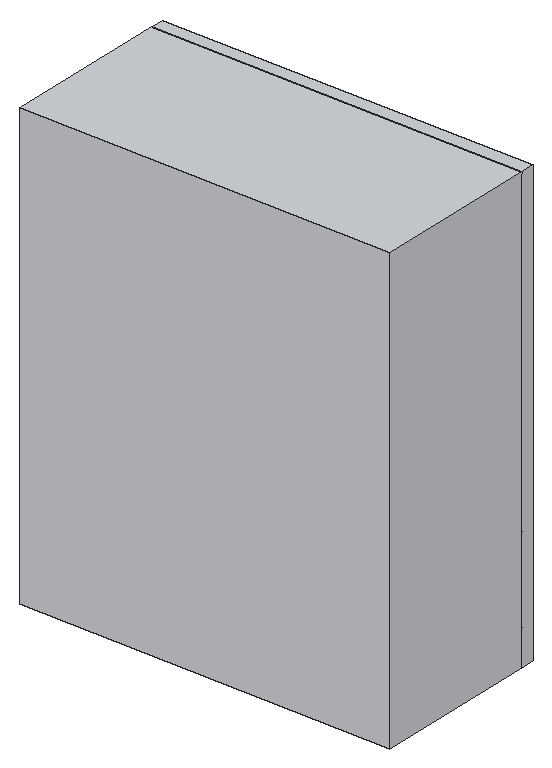
Revit family "Upper Cabinet - 1 Door with Glass", category 케이스워크, Revit 2026
Family settings
  호스트 = 벽
  항상 수직 = 예
  로드될 때 보이드를 사용하여 절단 = 아니오
  공유 = 아니오
  룸 계산 점 = 아니오
Parameters (values of type "600 x 720 x 290mm")
  폭 = 600 mm
  기본 높이 = 0 mm
  Materiale = none
  제조업체 = "Revit"
  높이 = 720 mm
  Maniglia = none
  Vetro = Glass
  깊이 = 290 mm
  Assembly Code = ""
Types (3, lengths in mm): name | 폭 | Assembly Code
  400 x 720 x 290mm | 400 | "C1030400"
  500 x 720 x 290mm | 500 | "C1030400"
  600 x 720 x 290mm | 600 | ""
Reference planes
  plane 1: y = 0
  plane 2 "Center (Left/Right)": x = 175
  plane 3 "Back": y = 75
  plane 4: z = 2039.786
  plane 5: z = 1319.786
  plane 6: x = 475
  plane 7: x = -125
  plane 8: y = 365
Forms (mm)
  Extrusion 1, solid, material <- "Materiale"
    sketch origin (0, 0, 0) x (1, 0, 0) y (0, 1, 0)
      loop
        line (-125, 343) -> (-125, 75) -> (475, 75) -> (475, 343) -> (453, 343) -> (453, 97) -> (-103, 97) -> (-103, 343) -> (-125, 343)
    from 1341.786 to 2017.786
  Extrusion 2, solid, material <- "Materiale"
    sketch origin (0, 0, 2017.786) x (1, 0, 0) y (0, 1, 0)
      loop
        line (-125, 343) -> (-125, 75) -> (475, 75) -> (475, 343) -> (-125, 343)
    from 0 to 22
  Extrusion 3, solid, material <- "Materiale"
    sketch origin (0, 0, 1319.786) x (1, 0, 0) y (0, 1, 0)
      loop
        line (-125, 343) -> (-125, 75) -> (475, 75) -> (475, 343) -> (-125, 343)
    from 0 to 22
  Extrusion 4, solid, material <- "Materiale"
    sketch origin (475, 343, 2017.786) x (0, 0, -1) y (-1, 0, 0)
      loop
        line (-22, 0) -> (698, 0) -> (698, 600) -> (-22, 600) -> (-22, 0)
      loop
        line (58, 80) -> (598, 80) -> (598, 520) -> (58, 520) -> (58, 80)
    from 0 to 22
  Extrusion 5, solid, material "Glass" <- "Vetro"
    sketch origin (475, 353.5, 2017.786) x (0, 0, -1) y (-1, 0, 0)
      loop
        line (58, 80) -> (598, 80) -> (598, 520) -> (58, 520) -> (58, 80)
    from 0 to 8
Cuts and joins
  joined: Extrusion 1, Extrusion 2, Extrusion 3
Text (mm)
  text "Placement side" at (-1343.702, 674.496, 0), in view "Ref. Level"
  text "Placement side" at (0, 1232.041, 2958.779), in view "Left"
  text "Placement side" at (0, 590.385, 3035.99), in view "Right"
Dimensions and locks
  locked: plane 3 "Back" to host wall at 0
  "깊이": plane 3 "Back" to plane 8
  equal spacing: plane 7, plane 2 "Center (Left/Right)", plane 6
  "높이": plane 5 to plane 4
  "폭": plane 6 to plane 7
  locked: Extrusion 4 sketch curve to Extrusion 4 sketch curve at 100
  locked: Extrusion 4 sketch curve to Extrusion 4 sketch curve at 80  (x3)
  aligned and locked: plane 1 to host wall
  aligned and locked: Extrusion 1 sketch curve to plane 7
  aligned and locked: plane 6 to Extrusion 1 sketch curve
  aligned and locked: plane 3 "Back" to Extrusion 1 sketch curve
  aligned and locked: Extrusion 2 to plane 4
  aligned and locked: Extrusion 1 to Extrusion 2
  aligned and locked: Extrusion 1 to Extrusion 3
  aligned and locked: plane 5 to Extrusion 3
  aligned and locked: Extrusion 4 sketch curve to Extrusion 2
  aligned and locked: Extrusion 4 sketch curve to Extrusion 3  (x2)
  aligned and locked: plane 8 to nested 1
  aligned and locked: nested 1 to plane 2 "Center (Left/Right)"
Automatic sketch dimensions
  plane 7 to Extrusion 1 sketch curve = 22 mm
  Extrusion 1 sketch curve to plane 6 = 22 mm
  host wall to Extrusion 1 sketch curve = 22 mm
  plane 8 to Extrusion 1 sketch curve = 22 mm  (x2)
  Extrusion 2 sketch curve to host wall = 0 mm
  Extrusion 2 sketch curve to plane 7 = 0 mm
  Extrusion 2 sketch curve to plane 6 = 0 mm
  plane 8 to Extrusion 2 sketch curve = 22 mm
  Extrusion 3 sketch curve to host wall = 0 mm
  Extrusion 3 sketch curve to plane 7 = 0 mm
  Extrusion 3 sketch curve to plane 6 = 0 mm
  plane 8 to Extrusion 3 sketch curve = 22 mm
  plane 4 to Extrusion 5 sketch curve = 80 mm
  Extrusion 5 sketch curve to plane 5 = 100 mm
  Extrusion 5 sketch curve to plane 6 = 80 mm
  plane 7 to Extrusion 5 sketch curve = 80 mm
  Extrusion 4 sketch curve to plane 4 = 0 mm
Nested families
  nested 1: "Casework Handle" at (449.877, 388, 1369.786), type "220 x 23mm"
Definition of nested family "Casework Handle"
  Parameters
    Default Elevation = 0 mm
    Material = none
  Reference planes
    plane 1 "Center (Front/Back)": y = 0
    plane 2: z = 0
    plane 3 "Center (Left/Right)": x = -274.877
    plane 4: x = -384.877
    plane 5: x = -164.877
    plane 6: y = 23
    plane 7: z = 12
  Forms (mm)
    Sweep 1, solid, material <- "Material"
      path origin (0, 0, 0) x (1, 0, 0) y (0, 1, 0)
        loop
          line (-384.877, 23) -> (-384.877, 2.5)
          arc (-384.877, 2.5) -> (-384.145, 0.732) -> (-382.377, 0) r 2.5
          line (-382.377, 0) -> (-167.377, 0)
          arc (-167.377, 0) -> (-165.609, 0.732) -> (-164.877, 2.5) r 2.5
          line (-164.877, 2.5) -> (-164.877, 23)
      profile origin (0, 12.75, 0) x (1, 0, 0) y (0, 0, 1)
        loop
          line (-384.877, 0) -> (-382.877, 0) -> (-382.877, 12) -> (-384.877, 12) -> (-384.877, 0)
    Extrusion 2, solid, material <- "Material"
      sketch origin (0, 0, 0) x (1, 0, 0) y (0, 1, 0)
        loop
          arc (-382.877, 2.5) -> (-382.731, 2.146) -> (-382.377, 2) r 0.5
          line (-382.377, 2) -> (-167.377, 2)
          arc (-167.377, 2) -> (-167.023, 2.146) -> (-166.877, 2.5) r 0.5
          line (-166.877, 2.5) -> (-166.877, 23) -> (-382.877, 23) -> (-382.877, 2.5)
      from 2.765 to 9.254
  Dimensions and locks
    equal spacing: plane 4, plane 3 "Center (Left/Right)", plane 5
